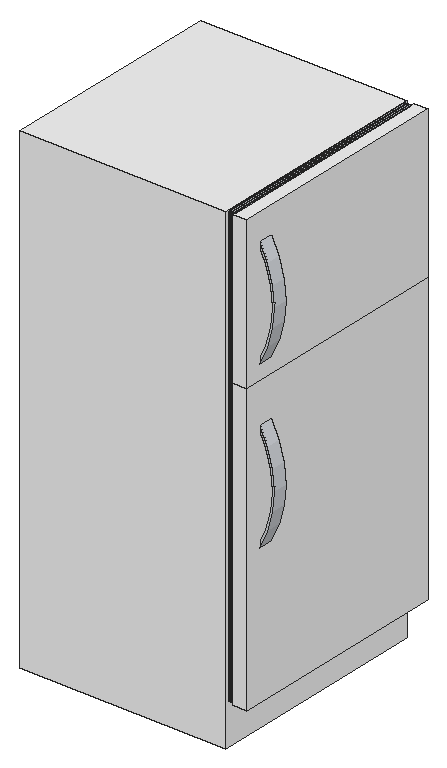
Revit family "Refrigerator_-_Parametric_9049", category Специальное оборудование, Revit 2016
Family settings
  Тип детали = Нормальный
  Размер круглого соединителя = Использовать диаметр
  На основе рабочей плоскости = Нет
  Всегда вертикально = Да
  При загрузке вырезать с полостями = Нет
  Общий = Нет
  Точка расчета площади = Нет
Parameters
  WIDTH = 2' - 9"
  VOID HEIGHT 3 = HEIGHT - 0' 1"  # 5' - 9"
  VOID HEIGHT 2 = DOOR HEIGHT + 0' 1"  # 4' - 1"
  VOID HEIGHT 1 = DOOR HEIGHT - 0' 1"  # 3' - 11"
  VOID HEIGHT = VENT HEIGHT + 0' 1"  # 0' - 7"
  VENT HEIGHT = 0' - 6"
  LENGTH = 2' - 6"
  HEIGHT = 5' - 10"
  DOOR WIDTH = 0' - 2"
  DOOR HEIGHT = 4' - 0"
  Assembly Code = ""
Reference planes (in)
  plane 1 "Center F/B": y = 0
  plane 2: z = 0
  plane 3 "Center L/R": x = 0
  plane 4: y = 33
  plane 5: x = 30
  plane 6: x = 31
  plane 7: x = 33
Forms (in)
  Extrusion 1, solid, material "BMCD2AR3\Solid Materials \Glossy Colors\Low\White"
    sketch origin (0, 0, 0) x (1, 0, 0) y (0, 1, 0)
      loop
        line (0, 33) -> (0, 0) -> (30, 0) -> (30, 33) -> (0, 33)
    from 0 to 70 <- "HEIGHT"
  Sweep 2, solid
    path origin (1, 0, 0) x (1, 0, 0) y (0, 0, 1)
      loop
        arc (32, 66.23422) -> (34.2085, 58.23422) -> (32, 50.23422) r 15.59375
    profile origin (35.2085, 0, 58.23422) x (0, -1, 0) y (1, 0, 0)
      loop
        line (-4.38071, -0.25) -> (-2.38071, -0.25) -> (-2.38071, 0) -> (-4.38071, 0) -> (-4.38071, -0.25)
  Sweep 3, solid
    path origin (1, 0, -24) x (1, 0, 0) y (0, 0, 1)
      loop
        arc (32, 66.23422) -> (34.2085, 58.23422) -> (32, 50.23422) r 15.59375
    profile origin (35.2085, 0, 34.23422) x (0, -1, 0) y (1, 0, 0)
      loop
        line (-4.38071, -0.25) -> (-2.38071, -0.25) -> (-2.38071, 0) -> (-4.38071, 0) -> (-4.38071, -0.25)
  Extrusion 4, void
    sketch origin (0, 0, 0) x (1, 0, 0) y (0, 1, 0)
      loop
        line (1.5, 31.5) -> (1.5, 1.5) -> (30, 1.5) -> (30, 31.5) -> (1.5, 31.5)
    from 7 <- "VOID HEIGHT" to 47 <- "VOID HEIGHT 1"
  Extrusion 5, void
    sketch origin (0, 0, 0) x (1, 0, 0) y (0, 1, 0)
      loop
        line (1.5, 31.5) -> (1.5, 1.5) -> (30, 1.5) -> (30, 31.5) -> (1.5, 31.5)
    from 49 <- "VOID HEIGHT 2" to 69 <- "VOID HEIGHT 3"
  Extrusion 6, solid, material "BMCD2AR3\Solid Materials \Glossy Colors\Low\White"
    sketch origin (0, 0, 0) x (1, 0, 0) y (0, 1, 0)
      loop
        line (31, 33) -> (31, 0) -> (33, 0) -> (33, 33) -> (31, 33)
    from 48 <- "DOOR HEIGHT" to 70 <- "HEIGHT"
  Extrusion 7, solid, material "BMCD2AR3\Solid Materials \Glossy Colors\Low\White"
    sketch origin (0, 0, 0) x (1, 0, 0) y (0, 1, 0)
      loop
        line (31, 33) -> (31, 0) -> (33, 0) -> (33, 33) -> (31, 33)
    from 6 <- "VENT HEIGHT" to 48 <- "DOOR HEIGHT"
  Sweep 8, solid
    path origin (0, 0, 0) x (0, 1, 0) y (0, 0, 1)
      loop
        line (31.5, 47) -> (1.5, 47) -> (1.5, 7) -> (31.5, 7) -> (31.5, 47)
    profile origin (0, 16.5, 47) x (0, 0, -1) y (1, 0, 0)
      loop
        line (0, 30) -> (-0.24148, 30.0647) -> (0, 30.12941) -> (-0.24148, 30.19411) -> (0, 30.25882) -> (-0.24148, 30.32352) -> (0, 30.38823) -> (-0.24148, 30.45293) -> (0, 30.51764) -> (-0.24148, 30.58234) -> (0, 30.64705) -> (-0.24148, 30.71175) -> (0, 30.77646) -> (-0.24148, 30.84116) -> (0, 30.90587) -> (-0.24148, 30.97057) -> (0, 31) -> (-1, 31) -> (-0.75852, 30.9353) -> (-1, 30.87059) -> (-0.75852, 30.80589) -> (-1, 30.74118) -> (-0.75852, 30.67648) -> (-1, 30.61177) -> (-0.75852, 30.54707) -> (-1, 30.48236) -> (-0.75852, 30.41766) -> (-1, 30.35295) -> (-0.75852, 30.28825) -> (-1, 30.22354) -> (-0.75852, 30.15884) -> (-1, 30.09413) -> (-0.75852, 30.02943) -> (-1, 30) -> (0, 30)
  Sweep 9, solid
    path origin (0, 0, 0) x (0, 1, 0) y (0, 0, 1)
      loop
        line (31.5, 69) -> (1.5, 69) -> (1.5, 49) -> (31.5, 49) -> (31.5, 69)
    profile origin (0, 16.5, 69) x (0, 0, -1) y (1, 0, 0)
      loop
        line (0, 30) -> (-0.24148, 30.0647) -> (0, 30.12941) -> (-0.24148, 30.19411) -> (0, 30.25882) -> (-0.24148, 30.32352) -> (0, 30.38823) -> (-0.24148, 30.45293) -> (0, 30.51764) -> (-0.24148, 30.58234) -> (0, 30.64705) -> (-0.24148, 30.71175) -> (0, 30.77646) -> (-0.24148, 30.84116) -> (0, 30.90587) -> (-0.24148, 30.97057) -> (0, 31) -> (-1, 31) -> (-0.75852, 30.9353) -> (-1, 30.87059) -> (-0.75852, 30.80589) -> (-1, 30.74118) -> (-0.75852, 30.67648) -> (-1, 30.61177) -> (-0.75852, 30.54707) -> (-1, 30.48236) -> (-0.75852, 30.41766) -> (-1, 30.35295) -> (-0.75852, 30.28825) -> (-1, 30.22354) -> (-0.75852, 30.15884) -> (-1, 30.09413) -> (-0.75852, 30.02943) -> (-1, 30) -> (0, 30)
Cuts and joins
  Extrusion 4, Extrusion 5 cuts Extrusion 1
Lines and regions (in)
  symbolic lines, style "InvisibleLines"
    curve 1: line (-8, 0, 0) -> (8, 0, 0)
    curve 2: line (0, -8, 0) -> (0, 9, 0)
Dimensions and locks (in)
  "WIDTH": plane 1 "Center F/B" to plane 4
  "LENGTH": plane 3 "Center L/R" to plane 5
  "DOOR WIDTH": plane 6 to plane 7
  aligned and locked: plane 3 "Center L/R" to Extrusion 1 sketch curve
  aligned and locked: Extrusion 1 sketch curve to plane 5
  aligned and locked: Extrusion 1 sketch curve to plane 4
  aligned and locked: Extrusion 1 sketch curve to plane 1 "Center F/B"
  aligned and locked: Extrusion 4 sketch curve to cut or joined group of Extrusion 1, Extrusion 4, Extrusion 5
  aligned and locked: Extrusion 5 sketch curve to cut or joined group of Extrusion 1, Extrusion 4, Extrusion 5  (x3)
  aligned and locked: cut or joined group of Extrusion 1, Extrusion 4, Extrusion 5 to Extrusion 5 sketch curve
  aligned and locked: Sweep 2 to plane 7
  aligned and locked: Sweep 3 to plane 7
  aligned and locked: plane 6 to Extrusion 6 sketch curve
  aligned and locked: plane 4 to Extrusion 6 sketch curve
  aligned and locked: plane 1 "Center F/B" to Extrusion 6 sketch curve
  aligned and locked: plane 7 to Extrusion 6 sketch curve
  aligned and locked: Extrusion 7 sketch curve to Extrusion 6  (x3)
  aligned and locked: Extrusion 6 to Extrusion 7 sketch curve
  aligned and locked: cut or joined group of Extrusion 1, Extrusion 4, Extrusion 5 to Sweep 8 sketch curve
  aligned and locked: Sweep 8 sketch curve to cut or joined group of Extrusion 1, Extrusion 4, Extrusion 5  (x3)
  aligned and locked: cut or joined group of Extrusion 1, Extrusion 4, Extrusion 5 to Sweep 9 sketch curve
  aligned and locked: Sweep 9 sketch curve to cut or joined group of Extrusion 1, Extrusion 4, Extrusion 5  (x3)
Automatic sketch dimensions
  plane 5 to Sweep 2 sketch curve = 0' - 10.38526"
  level to Sweep 2 sketch curve = 4' - 2.23422"
  Sweep 2 sketch curve to Sweep 2 sketch curve = 0' - 8"
  Sweep 2 sketch curve to profile plane = 0' - 0"
  Sweep 2 sketch curve to profile plane = 0' - 4.38071"
  profile plane to Sweep 2 sketch curve = 0' - 0 1/4"
  Sweep 2 sketch curve to Sweep 2 sketch curve = 0' - 2"
  plane 5 to Sweep 3 sketch curve = 0' - 10.38526"
  level to Sweep 3 sketch curve = 2' - 2.23422"
  Sweep 3 sketch curve to Sweep 3 sketch curve = 0' - 8"
  Sweep 3 sketch curve to profile plane = 0' - 0"
  Sweep 3 sketch curve to profile plane = 0' - 4.38071"
  profile plane to Sweep 3 sketch curve = 0' - 0 1/4"
  Sweep 3 sketch curve to Sweep 3 sketch curve = 0' - 2"
  Extrusion 4 sketch curve to plane 1 "Center F/B" = 0' - 1 1/2"
  plane 3 "Center L/R" to Extrusion 4 sketch curve = 0' - 1 1/2"
  plane 4 to Extrusion 4 sketch curve = 0' - 1 1/2"
  Sweep 2 sketch curve to plane 5 = 0' - 3"  (x2)
  Sweep 3 sketch curve to plane 5 = 0' - 3"  (x2)
  Sweep 8 sketch curve to profile plane = 0' - 0"  (x9)
  profile plane to Sweep 8 sketch curve = 0' - 0.24148"  (x2)
  Sweep 8 sketch curve to Sweep 8 sketch curve = 0' - 0"  (x20)
  Sweep 8 sketch curve to Sweep 8 sketch curve = 0' - 0.24148"  (x2)
  Sweep 8 sketch curve to Sweep 8 sketch curve = 0' - 0.0647"
  Sweep 8 sketch curve to Sweep 8 sketch curve = 0' - 0.02943"
  Sweep 8 sketch curve to Sweep 8 sketch curve = 0' - 0.12941"  (x27)
  Sweep 8 sketch curve to Sweep 8 sketch curve = 0' - 0.09413"  (x2)
  plane 3 "Center L/R" to Sweep 8 sketch curve = 2' - 6"
  Sweep 8 sketch curve to Sweep 8 sketch curve = 0' - 0.51704"
  Sweep 9 sketch curve to profile plane = 0' - 0"  (x9)
  profile plane to Sweep 9 sketch curve = 0' - 0.24148"  (x2)
  Sweep 9 sketch curve to Sweep 9 sketch curve = 0' - 0"  (x19)
  Sweep 9 sketch curve to Sweep 9 sketch curve = 0' - 0.51704"  (x2)
  Sweep 9 sketch curve to Sweep 9 sketch curve = 0' - 0.24148"  (x2)
  plane 3 "Center L/R" to Sweep 9 sketch curve = 2' - 6"
  Sweep 9 sketch curve to Sweep 9 sketch curve = 0' - 0.02943"
  Sweep 9 sketch curve to Sweep 9 sketch curve = 0' - 0.0647"
  Sweep 9 sketch curve to Sweep 9 sketch curve = 0' - 0.09413"
  Sweep 9 sketch curve to Sweep 9 sketch curve = 0' - 0.12941"  (x28)
